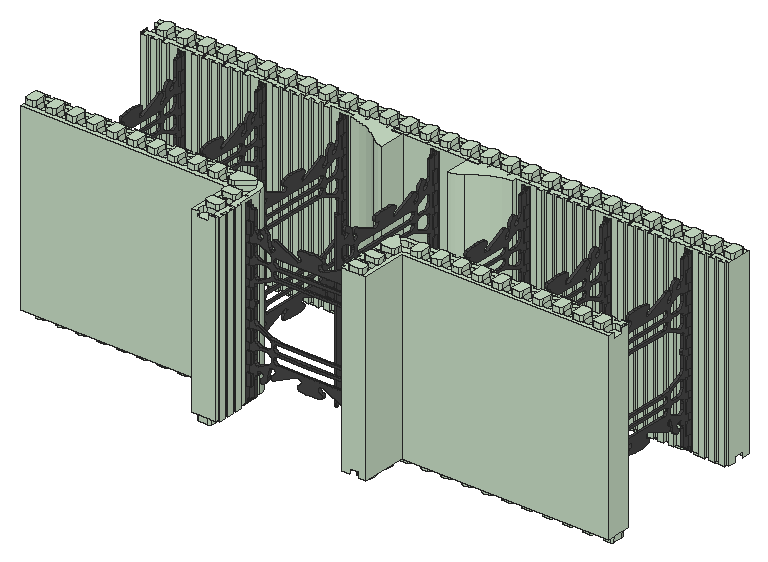
Revit family (continued)
Nested families (in)
  nested 106: "NUDURA Diamond Pattern" at (-26, 11.25254, 0), type "NUDURA Diamond Pattern"
  nested 107: "NUDURA Diamond Pattern" at (-18, 11.25254, 0), type "NUDURA Diamond Pattern"
  nested 108: "NUDURA Diamond Pattern" at (24, 0.00254, 0) x (-1, 0, 0) z (0, 0, 1), type "NUDURA Diamond Pattern"
  nested 109: "NUDURA Diamond Pattern" at (32, 0.00254, 0) x (-1, 0, 0) z (0, 0, 1), type "NUDURA Diamond Pattern"
  nested 110: "NUDURA Logo Diamond" at (16.00256, -11.62244, 0), type "NUDURA Logo Diamond"
  nested 111: "NUDURA Logo Diamond" at (-33.99744, -11.62244, 0), type "NUDURA Logo Diamond"
  nested 112: "NUDURA Diamond Pattern" at (-18, -5.99744, 0), type "NUDURA Diamond Pattern"
  nested 113: "NUDURA Diamond Pattern" at (16, -5.99744, 0), type "NUDURA Diamond Pattern"
  nested 114: "NUDURA Diamond Pattern Missing Left Line" at (8, -5.99744, 0), type "NUDURA Diamond Pattern missing left line"
  nested 115: "Interlock Tooth" at (28, -0.00002, 0) x (-1, 0, 0) z (0, 0, 1), type "Interlock Tooth"
  nested 116: "Interlock Tooth" at (27, -0.00002, -18.5) x (-1, 0, 0) z (0, 0, 1), type "Interlock Tooth"
  nested 117: "Interlock Tooth" at (30, -0.00002, 0) x (-1, 0, 0) z (0, 0, 1), type "Interlock Tooth"
  nested 118: "Interlock Tooth" at (29, -0.00002, -18.5) x (-1, 0, 0) z (0, 0, 1), type "Interlock Tooth"
  nested 119: "NUDURA Diamond Pattern" at (7, 0.00254, 0) x (-1, 0, 0) z (0, 0, 1), type "NUDURA Diamond Pattern"
  nested 120: "Interlock Tooth" at (32, -0.00002, 0) x (-1, 0, 0) z (0, 0, 1), type "Interlock Tooth"
  nested 121: "Interlock Tooth" at (31, -0.00002, -18.5) x (-1, 0, 0) z (0, 0, 1), type "Interlock Tooth"
  nested 122: "12-inch Insert Web w One Fastening Strip" at (3, -3, 0) x (-1, 0, 0) z (0, 0, 1), type "12-inch Insert Web w One Fastening Strip"
  nested 123: "12-inch Insert Web" at (-22, -3, 0), type "12-inch Insert Web"
  nested 124: "12-inch Insert Web" at (-14, -3, 0), type "12-inch Insert Web"
  nested 125: "12-inch Insert Web" at (12, -2.99998, 0), type "12-inch Insert Web"
  nested 126: "12-inch Insert Web" at (20, -2.99998, 0), type "12-inch Insert Web"
  nested 127: "12-inch Insert Web" at (28, -2.99998, 0), type "12-inch Insert Web"
  nested 128: "12-inch Insert Web" at (3, -11.99998, 0) x (0, 1, 0) z (0, 0, 1), type "12-inch Insert Web"
  nested 129: "12-inch Insert Web" at (-6, -2.99998, 0) x (-1, 0, 0) z (0, 0, 1), type "12-inch Insert Web"
Definition of nested family "Interlock Tooth"
  Reference planes (in)
    plane 1 "Center (Front/Back)": y = 0
    plane 2: z = 0
    plane 3 "Center (Left/Right)": x = 0
    plane 4: z = 18
    plane 5: z = 18.5
    plane 6: z = -0.5
  Forms (in)
    Extrusion 1, solid, material "NUDURA Expanded Polystyrene Foam Insulation"
      sketch origin (0, -8.875, 0) x (1, 0, 0) y (0, 1, 0)
        loop
          arc (0, 3.97692) -> (0.04785, 3.82983) -> (0.17308, 3.73905) r 0.25
          arc (0.17308, 3.73905) -> (0.5, 3.6875) -> (0.82692, 3.73905) r 1.0625
          arc (0.82692, 3.73905) -> (0.95215, 3.82983) -> (1, 3.97692) r 0.25
          line (1, 3.97692) -> (1, 4.89808)
          arc (1, 4.89808) -> (0.95215, 5.04517) -> (0.82692, 5.13595) r 0.25
          arc (0.82692, 5.13595) -> (0.5, 5.1875) -> (0.17308, 5.13595) r 1.0625
          arc (0.17308, 5.13595) -> (0.04785, 5.04517) -> (0, 4.89808) r 0.25
          line (0, 4.89808) -> (0, 3.97692)
      from 18 to 18.5
  Dimensions and locks (in)
    locked: plane 4 to level at 18
    locked: plane 4 to plane 5 at 0.5
    locked: plane 6 to level at 0.5
Definition of nested family "12-inch Insert Web w One Fastening Strip"
  Reference planes (in)
    plane 1 "Center (Front/Back)": y = 0
    plane 2: z = 0
    plane 3 "Center (Left/Right)": x = 0
  Forms (in)
    Extrusion 1, solid, material "High Density Polystyrene"
      sketch origin (0, 0, 0) x (0, 1, 0) y (0, 0, 1)
        loop
          arc (-6.25, 0) -> (-6.22112, 0.01975) -> (-6.21, 0.05292) r 0.055
          line (-6.21, 0.05292) -> (-6.21, 17.69292)
          arc (-6.21, 17.69292) -> (-6.22112, 17.72608) -> (-6.25, 17.74583) r 0.055
          line (-6.25, 17.74583) -> (-6.25, 0)
      from 0.36328 to -0.36328
    Extrusion 2, solid, material "High Density Polystyrene"
      sketch origin (0, 0, 0) x (0, 1, 0) y (0, 0, 1)
        loop
          line (-6.12543, 17.57204) -> (-6.19457, 17.61045)
          arc (-6.19457, 17.61045) -> (-6.20585, 17.62147) -> (-6.21, 17.63668) r 0.03
          line (-6.21, 17.63668) -> (-6.21, 17.38789)
          arc (-6.21, 17.38789) -> (-6.20374, 17.40241) -> (-6.18889, 17.40785) r 0.02
          line (-6.18889, 17.40785) -> (-6.13111, 17.40464)
          arc (-6.13111, 17.40464) -> (-6.11625, 17.41008) -> (-6.11, 17.42461) r 0.02
          line (-6.11, 17.42461) -> (-6.11, 17.54582)
          arc (-6.11, 17.54582) -> (-6.11414, 17.56103) -> (-6.12543, 17.57204) r 0.03
        loop
          arc (-6.12543, 0.17379) -> (-6.11414, 0.1848) -> (-6.11, 0.20001) r 0.03
          line (-6.11, 0.20001) -> (-6.11, 0.32122)
          arc (-6.11, 0.32122) -> (-6.11625, 0.33575) -> (-6.13111, 0.34119) r 0.02
          line (-6.13111, 0.34119) -> (-6.18889, 0.33798)
          arc (-6.18889, 0.33798) -> (-6.20374, 0.34342) -> (-6.21, 0.35795) r 0.02
          line (-6.21, 0.35795) -> (-6.21, 0.10915)
          arc (-6.21, 0.10915) -> (-6.20585, 0.12437) -> (-6.19457, 0.13538) r 0.03
          line (-6.19457, 0.13538) -> (-6.12543, 0.17379)
        loop
          line (6, 17.20772) -> (5.925, 17.43772)
          arc (5.925, 17.43772) -> (5.875, 17.46772) -> (5.825, 17.43772) r 0.05667
          line (5.825, 17.43772) -> (5.77609, 17.28772) -> (5.64893, 17.28772)
          arc (5.64893, 17.28772) -> (5.61433, 17.27339) -> (5.6, 17.2388) r 0.04893
          line (5.6, 17.2388) -> (5.6, 17.20772) -> (5.5, 17.20772) -> (5.5, 15.75595)
          arc (5.5, 15.75595) -> (5.43087, 15.489) -> (5.24086, 15.28915) r 0.55
          arc (5.24086, 15.28915) -> (5.19232, 15.23289) -> (5.1843, 15.15901) r 0.125
          arc (5.1843, 15.15901) -> (4.73923, 14.83241) -> (4.77171, 15.3835) r 0.305
          arc (4.77171, 15.3835) -> (4.89426, 15.66948) -> (4.60829, 15.79202) r 0.22
          arc (4.60829, 15.79202) -> (4.25428, 15.49683) -> (4.14171, 15.04986) r 0.745
          arc (4.14171, 15.04986) -> (4.09808, 14.63491) -> (3.96932, 14.23805) r 2
          arc (3.96932, 14.23805) -> (3.47025, 14.23431) -> (3.63581, 14.70513) r 0.305
          arc (3.63581, 14.70513) -> (3.78874, 15.03658) -> (3.43743, 15.1357) r 0.24
          line (3.43743, 15.1357) -> (1.31021, 14.13634)
          arc (1.31021, 14.13634) -> (0.87667, 14.28198) -> (1.07505, 14.69406) r 0.305
          arc (1.07505, 14.69406) -> (1.24991, 14.91838) -> (1.08783, 15.15211) r 0.24
          arc (1.08783, 15.15211) -> (0.76801, 15.23299) -> (0.43924, 15.2602) r 2
          line (0.43924, 15.2602) -> (0, 15.2602) -> (-0.43924, 15.2602)
          arc (-0.43924, 15.2602) -> (-0.76801, 15.23299) -> (-1.08783, 15.15211) r 2
          arc (-1.08783, 15.15211) -> (-1.24991, 14.91838) -> (-1.07505, 14.69406) r 0.24
          arc (-1.07505, 14.69406) -> (-0.87667, 14.28198) -> (-1.31021, 14.13634) r 0.305
          line (-1.31021, 14.13634) -> (-3.43743, 15.1357)
          arc (-3.43743, 15.1357) -> (-3.78874, 15.03658) -> (-3.63581, 14.70513) r 0.24
          arc (-3.63581, 14.70513) -> (-3.47025, 14.23431) -> (-3.96932, 14.23805) r 0.305
          arc (-3.96932, 14.23805) -> (-4.09808, 14.63491) -> (-4.14171, 15.04986) r 2
          arc (-4.14171, 15.04986) -> (-4.25428, 15.49683) -> (-4.60829, 15.79202) r 0.745
          arc (-4.60829, 15.79202) -> (-4.89426, 15.66948) -> (-4.77171, 15.3835) r 0.22
          arc (-4.77171, 15.3835) -> (-4.73923, 14.83241) -> (-5.1843, 15.15901) r 0.305
          arc (-5.1843, 15.15901) -> (-5.19232, 15.23289) -> (-5.24086, 15.28915) r 0.125
          arc (-5.24086, 15.28915) -> (-5.43087, 15.489) -> (-5.5, 15.75595) r 0.55
          line (-5.5, 15.75595) -> (-5.5, 17.20772) -> (-5.6, 17.20772) -> (-5.6, 17.2388)
          arc (-5.6, 17.2388) -> (-5.61433, 17.27339) -> (-5.64893, 17.28772) r 0.04893
          line (-5.64893, 17.28772) -> (-5.77609, 17.28772) -> (-5.825, 17.43772)
          arc (-5.825, 17.43772) -> (-5.875, 17.46772) -> (-5.925, 17.43772) r 0.05667
          line (-5.925, 17.43772) -> (-6, 17.20772) -> (-6, 0.66519) -> (-5.925, 0.43519)
          arc (-5.925, 0.43519) -> (-5.875, 0.40519) -> (-5.825, 0.43519) r 0.05667
          line (-5.825, 0.43519) -> (-5.77609, 0.58519) -> (-5.64893, 0.58519)
          arc (-5.64893, 0.58519) -> (-5.61433, 0.59952) -> (-5.6, 0.63412) r 0.04893
          line (-5.6, 0.63412) -> (-5.6, 0.66519) -> (-5.5, 0.66519) -> (-5.5, 2.24405)
          arc (-5.5, 2.24405) -> (-5.43087, 2.511) -> (-5.24086, 2.71085) r 0.55
          arc (-5.24086, 2.71085) -> (-5.19232, 2.76711) -> (-5.1843, 2.84099) r 0.125
          arc (-5.1843, 2.84099) -> (-4.73923, 3.16759) -> (-4.77171, 2.6165) r 0.305
          arc (-4.77171, 2.6165) -> (-4.89426, 2.33052) -> (-4.60829, 2.20798) r 0.22
          arc (-4.60829, 2.20798) -> (-4.25428, 2.50317) -> (-4.14171, 2.95014) r 0.745
          arc (-4.14171, 2.95014) -> (-4.09808, 3.36509) -> (-3.96932, 3.76195) r 2
          arc (-3.96932, 3.76195) -> (-3.47025, 3.76569) -> (-3.63581, 3.29487) r 0.305
          arc (-3.63581, 3.29487) -> (-3.78874, 2.96342) -> (-3.43743, 2.8643) r 0.24
          line (-3.43743, 2.8643) -> (-1.31021, 3.86366)
          arc (-1.31021, 3.86366) -> (-0.87667, 3.71802) -> (-1.07505, 3.30594) r 0.305
          arc (-1.07505, 3.30594) -> (-1.24991, 3.08162) -> (-1.08783, 2.84789) r 0.24
          arc (-1.08783, 2.84789) -> (-0.76801, 2.76701) -> (-0.43924, 2.7398) r 2
          line (-0.43924, 2.7398) -> (0, 2.7398) -> (0.43924, 2.7398)
          arc (0.43924, 2.7398) -> (0.76801, 2.76701) -> (1.08783, 2.84789) r 2
          arc (1.08783, 2.84789) -> (1.24991, 3.08162) -> (1.07505, 3.30594) r 0.24
          arc (1.07505, 3.30594) -> (0.87667, 3.71802) -> (1.31021, 3.86366) r 0.305
          line (1.31021, 3.86366) -> (3.43743, 2.8643)
          arc (3.43743, 2.8643) -> (3.78874, 2.96342) -> (3.63581, 3.29487) r 0.24
          arc (3.63581, 3.29487) -> (3.47025, 3.76569) -> (3.96932, 3.76195) r 0.305
          arc (3.96932, 3.76195) -> (4.09808, 3.36509) -> (4.14171, 2.95014) r 2
          arc (4.14171, 2.95014) -> (4.25428, 2.50317) -> (4.60829, 2.20798) r 0.745
          arc (4.60829, 2.20798) -> (4.89426, 2.33052) -> (4.77171, 2.6165) r 0.22
          arc (4.77171, 2.6165) -> (4.73923, 3.16759) -> (5.1843, 2.84099) r 0.305
          arc (5.1843, 2.84099) -> (5.19232, 2.76711) -> (5.24086, 2.71085) r 0.125
          arc (5.24086, 2.71085) -> (5.43087, 2.511) -> (5.5, 2.24405) r 0.55
          line (5.5, 2.24405) -> (5.5, 0.66519) -> (5.6, 0.66519) -> (5.6, 0.63412)
          arc (5.6, 0.63412) -> (5.61433, 0.59952) -> (5.64893, 0.58519) r 0.04893
          line (5.64893, 0.58519) -> (5.77609, 0.58519) -> (5.825, 0.43519)
          arc (5.825, 0.43519) -> (5.875, 0.40519) -> (5.925, 0.43519) r 0.05667
          line (5.925, 0.43519) -> (6, 0.66519) -> (6, 17.20772)
        loop
          arc (3.02319, 4.29202) -> (3.16251, 4.2877) -> (3.3013, 4.27477) r 2.25
          arc (3.3013, 4.27477) -> (3.48148, 4.41353) -> (3.6, 4.60763) r 0.62421
          line (3.6, 4.60763) -> (3.6, 4.73363)
          arc (3.6, 4.73363) -> (3.4551, 4.96314) -> (3.22579, 5.10835) r 0.61747
          line (3.22579, 5.10835) -> (0, 5.10835) -> (-3.22579, 5.10835)
          arc (-3.22579, 5.10835) -> (-3.4551, 4.96314) -> (-3.6, 4.73363) r 0.61747
          line (-3.6, 4.73363) -> (-3.6, 4.60763)
          arc (-3.6, 4.60763) -> (-3.48148, 4.41353) -> (-3.3013, 4.27477) r 0.62421
          arc (-3.3013, 4.27477) -> (-3.16251, 4.2877) -> (-3.02319, 4.29202) r 2.25
          line (-3.02319, 4.29202) -> (0, 4.29202) -> (3.02319, 4.29202)
        loop
          line (4.08806, 4.02826) -> (4.96605, 3.61736)
          arc (4.96605, 3.61736) -> (5.32627, 3.64059) -> (5.5, 3.95701) r 0.375
          line (5.5, 3.95701) -> (5.5, 4.48373)
          arc (5.5, 4.48373) -> (5.31694, 4.92567) -> (4.875, 5.10873) r 0.625
          line (4.875, 5.10873) -> (4.3, 5.10873)
          arc (4.3, 5.10873) -> (3.94645, 4.96229) -> (3.8, 4.60873) r 0.5
          line (3.8, 4.60873) -> (3.8, 4.48112)
          arc (3.8, 4.48112) -> (3.87812, 4.21276) -> (4.08806, 4.02826) r 0.5
        loop
          line (5.5, 5.91373) -> (5.5, 6.44046)
          arc (5.5, 6.44046) -> (5.32627, 6.75687) -> (4.96605, 6.78011) r 0.375
          line (4.96605, 6.78011) -> (4.08806, 6.36921)
          arc (4.08806, 6.36921) -> (3.87812, 6.18471) -> (3.8, 5.91635) r 0.5
          line (3.8, 5.91635) -> (3.8, 5.78873)
          arc (3.8, 5.78873) -> (3.94645, 5.43518) -> (4.3, 5.28873) r 0.5
          line (4.3, 5.28873) -> (4.875, 5.28873)
          arc (4.875, 5.28873) -> (5.31694, 5.47179) -> (5.5, 5.91373) r 0.625
        loop
          arc (3.30123, 6.1222) -> (3.16288, 6.10935) -> (3.02401, 6.10506) r 2.25
          line (3.02401, 6.10506) -> (0, 6.10506) -> (-3.02401, 6.10506)
          arc (-3.02401, 6.10506) -> (-3.16288, 6.10935) -> (-3.30123, 6.1222) r 2.25
          arc (-3.30123, 6.1222) -> (-3.48146, 5.98344) -> (-3.6, 5.7893) r 0.62421
          line (-3.6, 5.7893) -> (-3.6, 5.66335)
          arc (-3.6, 5.66335) -> (-3.45481, 5.43354) -> (-3.225, 5.28835) r 0.61747
          line (-3.225, 5.28835) -> (0, 5.28835) -> (3.225, 5.28835)
          arc (3.225, 5.28835) -> (3.45481, 5.43354) -> (3.6, 5.66335) r 0.61747
          line (3.6, 5.66335) -> (3.6, 5.7893)
          arc (3.6, 5.7893) -> (3.48146, 5.98344) -> (3.30123, 6.1222) r 0.62421
        loop
          arc (-4.08806, 4.02826) -> (-3.87812, 4.21276) -> (-3.8, 4.48112) r 0.5
          line (-3.8, 4.48112) -> (-3.8, 4.60873)
          arc (-3.8, 4.60873) -> (-3.94645, 4.96229) -> (-4.3, 5.10873) r 0.5
          line (-4.3, 5.10873) -> (-4.875, 5.10873)
          arc (-4.875, 5.10873) -> (-5.31694, 4.92567) -> (-5.5, 4.48373) r 0.625
          line (-5.5, 4.48373) -> (-5.5, 3.95701)
          arc (-5.5, 3.95701) -> (-5.32627, 3.64059) -> (-4.96605, 3.61736) r 0.375
          line (-4.96605, 3.61736) -> (-4.08806, 4.02826)
        loop
          arc (-5.5, 5.91373) -> (-5.31694, 5.47179) -> (-4.875, 5.28873) r 0.625
          line (-4.875, 5.28873) -> (-4.3, 5.28873)
          arc (-4.3, 5.28873) -> (-3.94645, 5.43518) -> (-3.8, 5.78873) r 0.5
          line (-3.8, 5.78873) -> (-3.8, 5.91635)
          arc (-3.8, 5.91635) -> (-3.87812, 6.18471) -> (-4.08806, 6.36921) r 0.5
          line (-4.08806, 6.36921) -> (-4.96605, 6.78011)
          arc (-4.96605, 6.78011) -> (-5.32627, 6.75687) -> (-5.5, 6.44046) r 0.375
          line (-5.5, 6.44046) -> (-5.5, 5.91373)
        loop
          line (5.5, 7.54678) -> (5.5, 8.68765) -> (5.38, 8.88765) -> (5.38, 9) -> (5.38, 9.11235) -> (5.5, 9.31235) -> (5.5, 10.45322)
          arc (5.5, 10.45322) -> (5.42188, 10.72158) -> (5.21194, 10.90608) r 0.5
          line (5.21194, 10.90608) -> (3.95372, 11.49492)
          arc (3.95372, 11.49492) -> (3.48851, 11.65338) -> (3, 11.70705) r 2.25
          line (3, 11.70705) -> (0, 11.70705) -> (-3, 11.70705)
          arc (-3, 11.70705) -> (-3.48851, 11.65338) -> (-3.95372, 11.49492) r 2.25
          line (-3.95372, 11.49492) -> (-5.21194, 10.90608)
          arc (-5.21194, 10.90608) -> (-5.42188, 10.72158) -> (-5.5, 10.45322) r 0.5
          line (-5.5, 10.45322) -> (-5.5, 9.31235) -> (-5.38, 9.11235) -> (-5.38, 9) -> (-5.38, 8.88765) -> (-5.5, 8.68765) -> (-5.5, 7.54678)
          arc (-5.5, 7.54678) -> (-5.42188, 7.27842) -> (-5.21194, 7.09392) r 0.5
          line (-5.21194, 7.09392) -> (-3.95372, 6.50508)
          arc (-3.95372, 6.50508) -> (-3.48851, 6.34662) -> (-3, 6.29295) r 2.25
          line (-3, 6.29295) -> (0, 6.29295) -> (3, 6.29295)
          arc (3, 6.29295) -> (3.48851, 6.34662) -> (3.95372, 6.50508) r 2.25
          line (3.95372, 6.50508) -> (5.21194, 7.09392)
          arc (5.21194, 7.09392) -> (5.42188, 7.27842) -> (5.5, 7.54678) r 0.5
        loop
          line (3.02319, 13.70798) -> (0, 13.70798) -> (-3.02319, 13.70798)
          arc (-3.02319, 13.70798) -> (-3.16251, 13.7123) -> (-3.3013, 13.72523) r 2.25
          arc (-3.3013, 13.72523) -> (-3.48148, 13.58647) -> (-3.6, 13.39237) r 0.62421
          line (-3.6, 13.39237) -> (-3.6, 13.26637)
          arc (-3.6, 13.26637) -> (-3.4551, 13.03686) -> (-3.22579, 12.89165) r 0.61747
          line (-3.22579, 12.89165) -> (0, 12.89165) -> (3.22579, 12.89165)
          arc (3.22579, 12.89165) -> (3.4551, 13.03686) -> (3.6, 13.26637) r 0.61747
          line (3.6, 13.26637) -> (3.6, 13.39237)
          arc (3.6, 13.39237) -> (3.48148, 13.58647) -> (3.3013, 13.72523) r 0.62421
          arc (3.3013, 13.72523) -> (3.16251, 13.7123) -> (3.02319, 13.70798) r 2.25
        loop
          arc (4.08806, 13.97174) -> (3.87812, 13.78724) -> (3.8, 13.51888) r 0.5
          line (3.8, 13.51888) -> (3.8, 13.39127)
          arc (3.8, 13.39127) -> (3.94645, 13.03771) -> (4.3, 12.89127) r 0.5
          line (4.3, 12.89127) -> (4.875, 12.89127)
          arc (4.875, 12.89127) -> (5.31694, 13.07433) -> (5.5, 13.51627) r 0.625
          line (5.5, 13.51627) -> (5.5, 14.04299)
          arc (5.5, 14.04299) -> (5.32627, 14.35941) -> (4.96605, 14.38264) r 0.375
          line (4.96605, 14.38264) -> (4.08806, 13.97174)
        loop
          arc (5.5, 12.08627) -> (5.31694, 12.52821) -> (4.875, 12.71127) r 0.625
          line (4.875, 12.71127) -> (4.3, 12.71127)
          arc (4.3, 12.71127) -> (3.94645, 12.56482) -> (3.8, 12.21127) r 0.5
          line (3.8, 12.21127) -> (3.8, 12.08365)
          arc (3.8, 12.08365) -> (3.87812, 11.81529) -> (4.08806, 11.63079) r 0.5
          line (4.08806, 11.63079) -> (4.96605, 11.21989)
          arc (4.96605, 11.21989) -> (5.32627, 11.24313) -> (5.5, 11.55954) r 0.375
          line (5.5, 11.55954) -> (5.5, 12.08627)
        loop
          arc (3.30123, 11.8778) -> (3.48146, 12.01656) -> (3.6, 12.2107) r 0.62421
          line (3.6, 12.2107) -> (3.6, 12.33665)
          arc (3.6, 12.33665) -> (3.45481, 12.56646) -> (3.225, 12.71165) r 0.61747
          line (3.225, 12.71165) -> (0, 12.71165) -> (-3.225, 12.71165)
          arc (-3.225, 12.71165) -> (-3.45481, 12.56646) -> (-3.6, 12.33665) r 0.61747
          line (-3.6, 12.33665) -> (-3.6, 12.2107)
          arc (-3.6, 12.2107) -> (-3.48146, 12.01656) -> (-3.30123, 11.8778) r 0.62421
          arc (-3.30123, 11.8778) -> (-3.16288, 11.89065) -> (-3.02401, 11.89494) r 2.25
          line (-3.02401, 11.89494) -> (0, 11.89494) -> (3.02401, 11.89494)
          arc (3.02401, 11.89494) -> (3.16288, 11.89065) -> (3.30123, 11.8778) r 2.25
        loop
          line (-4.08806, 13.97174) -> (-4.96605, 14.38264)
          arc (-4.96605, 14.38264) -> (-5.32627, 14.35941) -> (-5.5, 14.04299) r 0.375
          line (-5.5, 14.04299) -> (-5.5, 13.51627)
          arc (-5.5, 13.51627) -> (-5.31694, 13.07433) -> (-4.875, 12.89127) r 0.625
          line (-4.875, 12.89127) -> (-4.3, 12.89127)
          arc (-4.3, 12.89127) -> (-3.94645, 13.03771) -> (-3.8, 13.39127) r 0.5
          line (-3.8, 13.39127) -> (-3.8, 13.51888)
          arc (-3.8, 13.51888) -> (-3.87812, 13.78724) -> (-4.08806, 13.97174) r 0.5
        loop
          line (-5.5, 12.08627) -> (-5.5, 11.55954)
          arc (-5.5, 11.55954) -> (-5.32627, 11.24313) -> (-4.96605, 11.21989) r 0.375
          line (-4.96605, 11.21989) -> (-4.08806, 11.63079)
          arc (-4.08806, 11.63079) -> (-3.87812, 11.81529) -> (-3.8, 12.08365) r 0.5
          line (-3.8, 12.08365) -> (-3.8, 12.21127)
          arc (-3.8, 12.21127) -> (-3.94645, 12.56482) -> (-4.3, 12.71127) r 0.5
          line (-4.3, 12.71127) -> (-4.875, 12.71127)
          arc (-4.875, 12.71127) -> (-5.31694, 12.52821) -> (-5.5, 12.08627) r 0.625
      from 0.125 to -0.125
    Extrusion 3, solid, material "High Density Polystyrene"
      sketch origin (0, 0, 0) x (0, 1, 0) y (0, 0, 1)
        loop
          line (-6.21, 16.17792) -> (-6.21, 14.97792) -> (-5.71, 14.97792) -> (-5.71, 16.17792) -> (-6.21, 16.17792)
        loop
          line (-6.21, 14.22792) -> (-6.21, 13.02792) -> (-5.71, 13.02792) -> (-5.71, 14.22792) -> (-6.21, 14.22792)
        loop
          line (-6.21, 12.27792) -> (-6.21, 11.07792) -> (-5.71, 11.07792) -> (-5.71, 12.27792) -> (-6.21, 12.27792)
        loop
          line (-6.21, 10.32792) -> (-6.21, 9.24792) -> (-5.71, 9.24792) -> (-5.71, 10.32792) -> (-6.21, 10.32792)
        loop
          line (-6.21, 8.49792) -> (-6.21, 7.41792) -> (-5.71, 7.41792) -> (-5.71, 8.49792) -> (-6.21, 8.49792)
        loop
          line (-6.21, 6.66792) -> (-6.21, 5.46792) -> (-5.71, 5.46792) -> (-5.71, 6.66792) -> (-6.21, 6.66792)
        loop
          line (-6.21, 4.71792) -> (-6.21, 3.51792) -> (-5.71, 3.51792) -> (-5.71, 4.71792) -> (-6.21, 4.71792)
        loop
          line (-6.21, 2.76792) -> (-6.21, 1.56792) -> (-5.71, 1.56792) -> (-5.71, 2.76792) -> (-6.21, 2.76792)
      from 0.25 to -0.25
    Extrusion 4, void
      sketch origin (0, -3, 0) x (1, 0, 0) y (0, 1, 0)
        loop
          arc (-0.25, -2.79249) -> (-0.22584, -2.73416) -> (-0.1675, -2.71) r 0.0825
          line (-0.1675, -2.71) -> (-0.25, -2.71) -> (-0.25, -2.79249)
      from 0 to 18
    Extrusion 5, void
      sketch origin (0, -3, 0) x (-1, 0, 0) y (0, -1, 0)
        loop
          line (-0.25, 2.79249) -> (-0.25, 2.71) -> (-0.1675, 2.71)
          arc (-0.1675, 2.71) -> (-0.22584, 2.73416) -> (-0.25, 2.79249) r 0.0825
      from 0 to 18
  Cuts and joins
    Extrusion 4, Extrusion 5 cuts Extrusion 1
    Extrusion 4, Extrusion 5 cuts Extrusion 3
Definition of nested family "12-inch Insert Web"
  Reference planes (in)
    plane 1 "Center (Front/Back)": y = 0
    plane 2: z = 0
    plane 3 "Center (Left/Right)": x = 0
  Forms (in)
    Extrusion 1, solid, material "High Density Polystyrene"
      sketch origin (0, 0, 0) x (0, 1, 0) y (0, 0, 1)
        loop
          line (6.25, 0) -> (6.25, 17.74583)
          arc (6.25, 17.74583) -> (6.22112, 17.72608) -> (6.21, 17.69292) r 0.055
          line (6.21, 17.69292) -> (6.21, 0.05292)
          arc (6.21, 0.05292) -> (6.22112, 0.01975) -> (6.25, 0) r 0.055
        loop
          arc (-6.25, 0) -> (-6.22112, 0.01975) -> (-6.21, 0.05292) r 0.055
          line (-6.21, 0.05292) -> (-6.21, 17.69292)
          arc (-6.21, 17.69292) -> (-6.22112, 17.72608) -> (-6.25, 17.74583) r 0.055
          line (-6.25, 17.74583) -> (-6.25, 0)
      from 0.36328 to -0.36328
    Extrusion 2, solid, material "High Density Polystyrene"
      sketch origin (0, 0, 0) x (0, 1, 0) y (0, 0, 1)
        loop
          arc (6.18889, 17.40785) -> (6.20374, 17.40241) -> (6.21, 17.38789) r 0.02
          line (6.21, 17.38789) -> (6.21, 17.63668)
          arc (6.21, 17.63668) -> (6.20585, 17.62147) -> (6.19457, 17.61045) r 0.03
          line (6.19457, 17.61045) -> (6.12543, 17.57204)
          arc (6.12543, 17.57204) -> (6.11414, 17.56103) -> (6.11, 17.54582) r 0.03
          line (6.11, 17.54582) -> (6.11, 17.42461)
          arc (6.11, 17.42461) -> (6.11625, 17.41008) -> (6.13111, 17.40464) r 0.02
          line (6.13111, 17.40464) -> (6.18889, 17.40785)
        loop
          line (-6.12543, 17.57204) -> (-6.19457, 17.61045)
          arc (-6.19457, 17.61045) -> (-6.20585, 17.62147) -> (-6.21, 17.63668) r 0.03
          line (-6.21, 17.63668) -> (-6.21, 17.38789)
          arc (-6.21, 17.38789) -> (-6.20374, 17.40241) -> (-6.18889, 17.40785) r 0.02
          line (-6.18889, 17.40785) -> (-6.13111, 17.40464)
          arc (-6.13111, 17.40464) -> (-6.11625, 17.41008) -> (-6.11, 17.42461) r 0.02
          line (-6.11, 17.42461) -> (-6.11, 17.54582)
          arc (-6.11, 17.54582) -> (-6.11414, 17.56103) -> (-6.12543, 17.57204) r 0.03
        loop
          line (6.18889, 0.33798) -> (6.13111, 0.34119)
          arc (6.13111, 0.34119) -> (6.11625, 0.33575) -> (6.11, 0.32122) r 0.02
          line (6.11, 0.32122) -> (6.11, 0.20001)
          arc (6.11, 0.20001) -> (6.11414, 0.1848) -> (6.12543, 0.17379) r 0.03
          line (6.12543, 0.17379) -> (6.19457, 0.13538)
          arc (6.19457, 0.13538) -> (6.20585, 0.12437) -> (6.21, 0.10915) r 0.03
          line (6.21, 0.10915) -> (6.21, 0.35795)
          arc (6.21, 0.35795) -> (6.20374, 0.34342) -> (6.18889, 0.33798) r 0.02
        loop
          arc (-6.12543, 0.17379) -> (-6.11414, 0.1848) -> (-6.11, 0.20001) r 0.03
          line (-6.11, 0.20001) -> (-6.11, 0.32122)
          arc (-6.11, 0.32122) -> (-6.11625, 0.33575) -> (-6.13111, 0.34119) r 0.02
          line (-6.13111, 0.34119) -> (-6.18889, 0.33798)
          arc (-6.18889, 0.33798) -> (-6.20374, 0.34342) -> (-6.21, 0.35795) r 0.02
          line (-6.21, 0.35795) -> (-6.21, 0.10915)
          arc (-6.21, 0.10915) -> (-6.20585, 0.12437) -> (-6.19457, 0.13538) r 0.03
          line (-6.19457, 0.13538) -> (-6.12543, 0.17379)
        loop
          line (6, 17.20772) -> (5.925, 17.43772)
          arc (5.925, 17.43772) -> (5.875, 17.46772) -> (5.825, 17.43772) r 0.05667
          line (5.825, 17.43772) -> (5.77609, 17.28772) -> (5.64893, 17.28772)
          arc (5.64893, 17.28772) -> (5.61433, 17.27339) -> (5.6, 17.2388) r 0.04893
          line (5.6, 17.2388) -> (5.6, 17.20772) -> (5.5, 17.20772) -> (5.5, 15.75595)
          arc (5.5, 15.75595) -> (5.43087, 15.489) -> (5.24086, 15.28915) r 0.55
          arc (5.24086, 15.28915) -> (5.19232, 15.23289) -> (5.1843, 15.15901) r 0.125
          arc (5.1843, 15.15901) -> (4.73923, 14.83241) -> (4.77171, 15.3835) r 0.305
          arc (4.77171, 15.3835) -> (4.89426, 15.66948) -> (4.60829, 15.79202) r 0.22
          arc (4.60829, 15.79202) -> (4.25428, 15.49683) -> (4.14171, 15.04986) r 0.745
          arc (4.14171, 15.04986) -> (4.09808, 14.63491) -> (3.96932, 14.23805) r 2
          arc (3.96932, 14.23805) -> (3.47025, 14.23431) -> (3.63581, 14.70513) r 0.305
          arc (3.63581, 14.70513) -> (3.78874, 15.03658) -> (3.43743, 15.1357) r 0.24
          line (3.43743, 15.1357) -> (1.31021, 14.13634)
          arc (1.31021, 14.13634) -> (0.87667, 14.28198) -> (1.07505, 14.69406) r 0.305
          arc (1.07505, 14.69406) -> (1.24991, 14.91838) -> (1.08783, 15.15211) r 0.24
          arc (1.08783, 15.15211) -> (0.76801, 15.23299) -> (0.43924, 15.2602) r 2
          line (0.43924, 15.2602) -> (0, 15.2602) -> (-0.43924, 15.2602)
          arc (-0.43924, 15.2602) -> (-0.76801, 15.23299) -> (-1.08783, 15.15211) r 2
          arc (-1.08783, 15.15211) -> (-1.24991, 14.91838) -> (-1.07505, 14.69406) r 0.24
          arc (-1.07505, 14.69406) -> (-0.87667, 14.28198) -> (-1.31021, 14.13634) r 0.305
          line (-1.31021, 14.13634) -> (-3.43743, 15.1357)
          arc (-3.43743, 15.1357) -> (-3.78874, 15.03658) -> (-3.63581, 14.70513) r 0.24
          arc (-3.63581, 14.70513) -> (-3.47025, 14.23431) -> (-3.96932, 14.23805) r 0.305
          arc (-3.96932, 14.23805) -> (-4.09808, 14.63491) -> (-4.14171, 15.04986) r 2
          arc (-4.14171, 15.04986) -> (-4.25428, 15.49683) -> (-4.60829, 15.79202) r 0.745
          arc (-4.60829, 15.79202) -> (-4.89426, 15.66948) -> (-4.77171, 15.3835) r 0.22
          arc (-4.77171, 15.3835) -> (-4.73923, 14.83241) -> (-5.1843, 15.15901) r 0.305
          arc (-5.1843, 15.15901) -> (-5.19232, 15.23289) -> (-5.24086, 15.28915) r 0.125
          arc (-5.24086, 15.28915) -> (-5.43087, 15.489) -> (-5.5, 15.75595) r 0.55
          line (-5.5, 15.75595) -> (-5.5, 17.20772) -> (-5.6, 17.20772) -> (-5.6, 17.2388)
          arc (-5.6, 17.2388) -> (-5.61433, 17.27339) -> (-5.64893, 17.28772) r 0.04893
          line (-5.64893, 17.28772) -> (-5.77609, 17.28772) -> (-5.825, 17.43772)
          arc (-5.825, 17.43772) -> (-5.875, 17.46772) -> (-5.925, 17.43772) r 0.05667
          line (-5.925, 17.43772) -> (-6, 17.20772) -> (-6, 0.66519) -> (-5.925, 0.43519)
          arc (-5.925, 0.43519) -> (-5.875, 0.40519) -> (-5.825, 0.43519) r 0.05667
          line (-5.825, 0.43519) -> (-5.77609, 0.58519) -> (-5.64893, 0.58519)
          arc (-5.64893, 0.58519) -> (-5.61433, 0.59952) -> (-5.6, 0.63412) r 0.04893
          line (-5.6, 0.63412) -> (-5.6, 0.66519) -> (-5.5, 0.66519) -> (-5.5, 2.24405)
          arc (-5.5, 2.24405) -> (-5.43087, 2.511) -> (-5.24086, 2.71085) r 0.55
          arc (-5.24086, 2.71085) -> (-5.19232, 2.76711) -> (-5.1843, 2.84099) r 0.125
          arc (-5.1843, 2.84099) -> (-4.73923, 3.16759) -> (-4.77171, 2.6165) r 0.305
          arc (-4.77171, 2.6165) -> (-4.89426, 2.33052) -> (-4.60829, 2.20798) r 0.22
          arc (-4.60829, 2.20798) -> (-4.25428, 2.50317) -> (-4.14171, 2.95014) r 0.745
          arc (-4.14171, 2.95014) -> (-4.09808, 3.36509) -> (-3.96932, 3.76195) r 2
          arc (-3.96932, 3.76195) -> (-3.47025, 3.76569) -> (-3.63581, 3.29487) r 0.305
          arc (-3.63581, 3.29487) -> (-3.78874, 2.96342) -> (-3.43743, 2.8643) r 0.24
          line (-3.43743, 2.8643) -> (-1.31021, 3.86366)
          arc (-1.31021, 3.86366) -> (-0.87667, 3.71802) -> (-1.07505, 3.30594) r 0.305
          arc (-1.07505, 3.30594) -> (-1.24991, 3.08162) -> (-1.08783, 2.84789) r 0.24
          arc (-1.08783, 2.84789) -> (-0.76801, 2.76701) -> (-0.43924, 2.7398) r 2
          line (-0.43924, 2.7398) -> (0, 2.7398) -> (0.43924, 2.7398)
          arc (0.43924, 2.7398) -> (0.76801, 2.76701) -> (1.08783, 2.84789) r 2
          arc (1.08783, 2.84789) -> (1.24991, 3.08162) -> (1.07505, 3.30594) r 0.24
          arc (1.07505, 3.30594) -> (0.87667, 3.71802) -> (1.31021, 3.86366) r 0.305
          line (1.31021, 3.86366) -> (3.43743, 2.8643)
          arc (3.43743, 2.8643) -> (3.78874, 2.96342) -> (3.63581, 3.29487) r 0.24
          arc (3.63581, 3.29487) -> (3.47025, 3.76569) -> (3.96932, 3.76195) r 0.305
          arc (3.96932, 3.76195) -> (4.09808, 3.36509) -> (4.14171, 2.95014) r 2
          arc (4.14171, 2.95014) -> (4.25428, 2.50317) -> (4.60829, 2.20798) r 0.745
          arc (4.60829, 2.20798) -> (4.89426, 2.33052) -> (4.77171, 2.6165) r 0.22
          arc (4.77171, 2.6165) -> (4.73923, 3.16759) -> (5.1843, 2.84099) r 0.305
          arc (5.1843, 2.84099) -> (5.19232, 2.76711) -> (5.24086, 2.71085) r 0.125
          arc (5.24086, 2.71085) -> (5.43087, 2.511) -> (5.5, 2.24405) r 0.55
          line (5.5, 2.24405) -> (5.5, 0.66519) -> (5.6, 0.66519) -> (5.6, 0.63412)
          arc (5.6, 0.63412) -> (5.61433, 0.59952) -> (5.64893, 0.58519) r 0.04893
          line (5.64893, 0.58519) -> (5.77609, 0.58519) -> (5.825, 0.43519)
          arc (5.825, 0.43519) -> (5.875, 0.40519) -> (5.925, 0.43519) r 0.05667
          line (5.925, 0.43519) -> (6, 0.66519) -> (6, 17.20772)
        loop
          arc (3.02319, 4.29202) -> (3.16251, 4.2877) -> (3.3013, 4.27477) r 2.25
          arc (3.3013, 4.27477) -> (3.48148, 4.41353) -> (3.6, 4.60763) r 0.62421
          line (3.6, 4.60763) -> (3.6, 4.73363)
          arc (3.6, 4.73363) -> (3.4551, 4.96314) -> (3.22579, 5.10835) r 0.61747
          line (3.22579, 5.10835) -> (0, 5.10835) -> (-3.22579, 5.10835)
          arc (-3.22579, 5.10835) -> (-3.4551, 4.96314) -> (-3.6, 4.73363) r 0.61747
          line (-3.6, 4.73363) -> (-3.6, 4.60763)
          arc (-3.6, 4.60763) -> (-3.48148, 4.41353) -> (-3.3013, 4.27477) r 0.62421
          arc (-3.3013, 4.27477) -> (-3.16251, 4.2877) -> (-3.02319, 4.29202) r 2.25
          line (-3.02319, 4.29202) -> (0, 4.29202) -> (3.02319, 4.29202)
        loop
          line (4.08806, 4.02826) -> (4.96605, 3.61736)
          arc (4.96605, 3.61736) -> (5.32627, 3.64059) -> (5.5, 3.95701) r 0.375
          line (5.5, 3.95701) -> (5.5, 4.48373)
          arc (5.5, 4.48373) -> (5.31694, 4.92567) -> (4.875, 5.10873) r 0.625
          line (4.875, 5.10873) -> (4.3, 5.10873)
          arc (4.3, 5.10873) -> (3.94645, 4.96229) -> (3.8, 4.60873) r 0.5
          line (3.8, 4.60873) -> (3.8, 4.48112)
          arc (3.8, 4.48112) -> (3.87812, 4.21276) -> (4.08806, 4.02826) r 0.5
        loop
          line (5.5, 5.91373) -> (5.5, 6.44046)
          arc (5.5, 6.44046) -> (5.32627, 6.75687) -> (4.96605, 6.78011) r 0.375
          line (4.96605, 6.78011) -> (4.08806, 6.36921)
          arc (4.08806, 6.36921) -> (3.87812, 6.18471) -> (3.8, 5.91635) r 0.5
          line (3.8, 5.91635) -> (3.8, 5.78873)
          arc (3.8, 5.78873) -> (3.94645, 5.43518) -> (4.3, 5.28873) r 0.5
          line (4.3, 5.28873) -> (4.875, 5.28873)
          arc (4.875, 5.28873) -> (5.31694, 5.47179) -> (5.5, 5.91373) r 0.625
        loop
          arc (3.30123, 6.1222) -> (3.16288, 6.10935) -> (3.02401, 6.10506) r 2.25
          line (3.02401, 6.10506) -> (0, 6.10506) -> (-3.02401, 6.10506)
          arc (-3.02401, 6.10506) -> (-3.16288, 6.10935) -> (-3.30123, 6.1222) r 2.25
          arc (-3.30123, 6.1222) -> (-3.48146, 5.98344) -> (-3.6, 5.7893) r 0.62421
          line (-3.6, 5.7893) -> (-3.6, 5.66335)
          arc (-3.6, 5.66335) -> (-3.45481, 5.43354) -> (-3.225, 5.28835) r 0.61747
          line (-3.225, 5.28835) -> (0, 5.28835) -> (3.225, 5.28835)
          arc (3.225, 5.28835) -> (3.45481, 5.43354) -> (3.6, 5.66335) r 0.61747
          line (3.6, 5.66335) -> (3.6, 5.7893)
          arc (3.6, 5.7893) -> (3.48146, 5.98344) -> (3.30123, 6.1222) r 0.62421
        loop
          arc (-4.08806, 4.02826) -> (-3.87812, 4.21276) -> (-3.8, 4.48112) r 0.5
          line (-3.8, 4.48112) -> (-3.8, 4.60873)
          arc (-3.8, 4.60873) -> (-3.94645, 4.96229) -> (-4.3, 5.10873) r 0.5
          line (-4.3, 5.10873) -> (-4.875, 5.10873)
          arc (-4.875, 5.10873) -> (-5.31694, 4.92567) -> (-5.5, 4.48373) r 0.625
          line (-5.5, 4.48373) -> (-5.5, 3.95701)
          arc (-5.5, 3.95701) -> (-5.32627, 3.64059) -> (-4.96605, 3.61736) r 0.375
          line (-4.96605, 3.61736) -> (-4.08806, 4.02826)
        loop
          arc (-5.5, 5.91373) -> (-5.31694, 5.47179) -> (-4.875, 5.28873) r 0.625
          line (-4.875, 5.28873) -> (-4.3, 5.28873)
          arc (-4.3, 5.28873) -> (-3.94645, 5.43518) -> (-3.8, 5.78873) r 0.5
          line (-3.8, 5.78873) -> (-3.8, 5.91635)
          arc (-3.8, 5.91635) -> (-3.87812, 6.18471) -> (-4.08806, 6.36921) r 0.5
          line (-4.08806, 6.36921) -> (-4.96605, 6.78011)
          arc (-4.96605, 6.78011) -> (-5.32627, 6.75687) -> (-5.5, 6.44046) r 0.375
          line (-5.5, 6.44046) -> (-5.5, 5.91373)
        loop
          line (5.5, 7.54678) -> (5.5, 8.68765) -> (5.38, 8.88765) -> (5.38, 9) -> (5.38, 9.11235) -> (5.5, 9.31235) -> (5.5, 10.45322)
          arc (5.5, 10.45322) -> (5.42188, 10.72158) -> (5.21194, 10.90608) r 0.5
          line (5.21194, 10.90608) -> (3.95372, 11.49492)
          arc (3.95372, 11.49492) -> (3.48851, 11.65338) -> (3, 11.70705) r 2.25
          line (3, 11.70705) -> (0, 11.70705) -> (-3, 11.70705)
          arc (-3, 11.70705) -> (-3.48851, 11.65338) -> (-3.95372, 11.49492) r 2.25
          line (-3.95372, 11.49492) -> (-5.21194, 10.90608)
          arc (-5.21194, 10.90608) -> (-5.42188, 10.72158) -> (-5.5, 10.45322) r 0.5
          line (-5.5, 10.45322) -> (-5.5, 9.31235) -> (-5.38, 9.11235) -> (-5.38, 9) -> (-5.38, 8.88765) -> (-5.5, 8.68765) -> (-5.5, 7.54678)
          arc (-5.5, 7.54678) -> (-5.42188, 7.27842) -> (-5.21194, 7.09392) r 0.5
          line (-5.21194, 7.09392) -> (-3.95372, 6.50508)
          arc (-3.95372, 6.50508) -> (-3.48851, 6.34662) -> (-3, 6.29295) r 2.25
          line (-3, 6.29295) -> (0, 6.29295) -> (3, 6.29295)
          arc (3, 6.29295) -> (3.48851, 6.34662) -> (3.95372, 6.50508) r 2.25
          line (3.95372, 6.50508) -> (5.21194, 7.09392)
          arc (5.21194, 7.09392) -> (5.42188, 7.27842) -> (5.5, 7.54678) r 0.5
        loop
          line (3.02319, 13.70798) -> (0, 13.70798) -> (-3.02319, 13.70798)
          arc (-3.02319, 13.70798) -> (-3.16251, 13.7123) -> (-3.3013, 13.72523) r 2.25
          arc (-3.3013, 13.72523) -> (-3.48148, 13.58647) -> (-3.6, 13.39237) r 0.62421
          line (-3.6, 13.39237) -> (-3.6, 13.26637)
          arc (-3.6, 13.26637) -> (-3.4551, 13.03686) -> (-3.22579, 12.89165) r 0.61747
          line (-3.22579, 12.89165) -> (0, 12.89165) -> (3.22579, 12.89165)
          arc (3.22579, 12.89165) -> (3.4551, 13.03686) -> (3.6, 13.26637) r 0.61747
          line (3.6, 13.26637) -> (3.6, 13.39237)
          arc (3.6, 13.39237) -> (3.48148, 13.58647) -> (3.3013, 13.72523) r 0.62421
          arc (3.3013, 13.72523) -> (3.16251, 13.7123) -> (3.02319, 13.70798) r 2.25
        loop
          arc (4.08806, 13.97174) -> (3.87812, 13.78724) -> (3.8, 13.51888) r 0.5
          line (3.8, 13.51888) -> (3.8, 13.39127)
          arc (3.8, 13.39127) -> (3.94645, 13.03771) -> (4.3, 12.89127) r 0.5
          line (4.3, 12.89127) -> (4.875, 12.89127)
          arc (4.875, 12.89127) -> (5.31694, 13.07433) -> (5.5, 13.51627) r 0.625
          line (5.5, 13.51627) -> (5.5, 14.04299)
          arc (5.5, 14.04299) -> (5.32627, 14.35941) -> (4.96605, 14.38264) r 0.375
          line (4.96605, 14.38264) -> (4.08806, 13.97174)
        loop
          arc (5.5, 12.08627) -> (5.31694, 12.52821) -> (4.875, 12.71127) r 0.625
          line (4.875, 12.71127) -> (4.3, 12.71127)
          arc (4.3, 12.71127) -> (3.94645, 12.56482) -> (3.8, 12.21127) r 0.5
          line (3.8, 12.21127) -> (3.8, 12.08365)
          arc (3.8, 12.08365) -> (3.87812, 11.81529) -> (4.08806, 11.63079) r 0.5
          line (4.08806, 11.63079) -> (4.96605, 11.21989)
          arc (4.96605, 11.21989) -> (5.32627, 11.24313) -> (5.5, 11.55954) r 0.375
          line (5.5, 11.55954) -> (5.5, 12.08627)
        loop
          arc (3.30123, 11.8778) -> (3.48146, 12.01656) -> (3.6, 12.2107) r 0.62421
          line (3.6, 12.2107) -> (3.6, 12.33665)
          arc (3.6, 12.33665) -> (3.45481, 12.56646) -> (3.225, 12.71165) r 0.61747
          line (3.225, 12.71165) -> (0, 12.71165) -> (-3.225, 12.71165)
          arc (-3.225, 12.71165) -> (-3.45481, 12.56646) -> (-3.6, 12.33665) r 0.61747
          line (-3.6, 12.33665) -> (-3.6, 12.2107)
          arc (-3.6, 12.2107) -> (-3.48146, 12.01656) -> (-3.30123, 11.8778) r 0.62421
          arc (-3.30123, 11.8778) -> (-3.16288, 11.89065) -> (-3.02401, 11.89494) r 2.25
          line (-3.02401, 11.89494) -> (0, 11.89494) -> (3.02401, 11.89494)
          arc (3.02401, 11.89494) -> (3.16288, 11.89065) -> (3.30123, 11.8778) r 2.25
        loop
          line (-4.08806, 13.97174) -> (-4.96605, 14.38264)
          arc (-4.96605, 14.38264) -> (-5.32627, 14.35941) -> (-5.5, 14.04299) r 0.375
          line (-5.5, 14.04299) -> (-5.5, 13.51627)
          arc (-5.5, 13.51627) -> (-5.31694, 13.07433) -> (-4.875, 12.89127) r 0.625
          line (-4.875, 12.89127) -> (-4.3, 12.89127)
          arc (-4.3, 12.89127) -> (-3.94645, 13.03771) -> (-3.8, 13.39127) r 0.5
          line (-3.8, 13.39127) -> (-3.8, 13.51888)
          arc (-3.8, 13.51888) -> (-3.87812, 13.78724) -> (-4.08806, 13.97174) r 0.5
        loop
          line (-5.5, 12.08627) -> (-5.5, 11.55954)
          arc (-5.5, 11.55954) -> (-5.32627, 11.24313) -> (-4.96605, 11.21989) r 0.375
          line (-4.96605, 11.21989) -> (-4.08806, 11.63079)
          arc (-4.08806, 11.63079) -> (-3.87812, 11.81529) -> (-3.8, 12.08365) r 0.5
          line (-3.8, 12.08365) -> (-3.8, 12.21127)
          arc (-3.8, 12.21127) -> (-3.94645, 12.56482) -> (-4.3, 12.71127) r 0.5
          line (-4.3, 12.71127) -> (-4.875, 12.71127)
          arc (-4.875, 12.71127) -> (-5.31694, 12.52821) -> (-5.5, 12.08627) r 0.625
      from 0.125 to -0.125
    Extrusion 3, solid, material "High Density Polystyrene"
      sketch origin (0, 0, 0) x (0, 1, 0) y (0, 0, 1)
        loop
          line (6.21, 16.17792) -> (5.71, 16.17792) -> (5.71, 14.97792) -> (6.21, 14.97792) -> (6.21, 16.17792)
        loop
          line (6.21, 14.22792) -> (5.71, 14.22792) -> (5.71, 13.02792) -> (6.21, 13.02792) -> (6.21, 14.22792)
        loop
          line (6.21, 12.27792) -> (5.71, 12.27792) -> (5.71, 11.07792) -> (6.21, 11.07792) -> (6.21, 12.27792)
        loop
          line (6.21, 10.32792) -> (5.71, 10.32792) -> (5.71, 9.24792) -> (6.21, 9.24792) -> (6.21, 10.32792)
        loop
          line (6.21, 8.49792) -> (5.71, 8.49792) -> (5.71, 7.41792) -> (6.21, 7.41792) -> (6.21, 8.49792)
        loop
          line (6.21, 6.66792) -> (5.71, 6.66792) -> (5.71, 5.46792) -> (6.21, 5.46792) -> (6.21, 6.66792)
        loop
          line (6.21, 4.71792) -> (5.71, 4.71792) -> (5.71, 3.51792) -> (6.21, 3.51792) -> (6.21, 4.71792)
        loop
          line (6.21, 2.76792) -> (5.71, 2.76792) -> (5.71, 1.56792) -> (6.21, 1.56792) -> (6.21, 2.76792)
        loop
          line (-6.21, 16.17792) -> (-6.21, 14.97792) -> (-5.71, 14.97792) -> (-5.71, 16.17792) -> (-6.21, 16.17792)
        loop
          line (-6.21, 14.22792) -> (-6.21, 13.02792) -> (-5.71, 13.02792) -> (-5.71, 14.22792) -> (-6.21, 14.22792)
        loop
          line (-6.21, 12.27792) -> (-6.21, 11.07792) -> (-5.71, 11.07792) -> (-5.71, 12.27792) -> (-6.21, 12.27792)
        loop
          line (-6.21, 10.32792) -> (-6.21, 9.24792) -> (-5.71, 9.24792) -> (-5.71, 10.32792) -> (-6.21, 10.32792)
        loop
          line (-6.21, 8.49792) -> (-6.21, 7.41792) -> (-5.71, 7.41792) -> (-5.71, 8.49792) -> (-6.21, 8.49792)
        loop
          line (-6.21, 6.66792) -> (-6.21, 5.46792) -> (-5.71, 5.46792) -> (-5.71, 6.66792) -> (-6.21, 6.66792)
        loop
          line (-6.21, 4.71792) -> (-6.21, 3.51792) -> (-5.71, 3.51792) -> (-5.71, 4.71792) -> (-6.21, 4.71792)
        loop
          line (-6.21, 2.76792) -> (-6.21, 1.56792) -> (-5.71, 1.56792) -> (-5.71, 2.76792) -> (-6.21, 2.76792)
      from 0.25 to -0.25
    Extrusion 4, void
      sketch origin (0, 3, 0) x (1, 0, 0) y (0, 1, 0)
        loop
          line (-0.25, 2.79249) -> (-0.25, 2.71) -> (-0.1675, 2.71)
          arc (-0.1675, 2.71) -> (-0.22584, 2.73416) -> (-0.25, 2.79249) r 0.0825
      from 0 to 18
    Extrusion 5, void
      sketch origin (0, 3, 0) x (-1, 0, 0) y (0, -1, 0)
        loop
          arc (-0.25, -2.79249) -> (-0.22584, -2.73416) -> (-0.1675, -2.71) r 0.0825
          line (-0.1675, -2.71) -> (-0.25, -2.71) -> (-0.25, -2.79249)
      from 0 to 18
    Extrusion 6, void
      sketch origin (0, -3, 0) x (1, 0, 0) y (0, 1, 0)
        loop
          arc (-0.25, -2.79249) -> (-0.22584, -2.73416) -> (-0.1675, -2.71) r 0.0825
          line (-0.1675, -2.71) -> (-0.25, -2.71) -> (-0.25, -2.79249)
      from 0 to 18
    Extrusion 7, void
      sketch origin (0, -3, 0) x (-1, 0, 0) y (0, -1, 0)
        loop
          line (-0.25, 2.79249) -> (-0.25, 2.71) -> (-0.1675, 2.71)
          arc (-0.1675, 2.71) -> (-0.22584, 2.73416) -> (-0.25, 2.79249) r 0.0825
      from 0 to 18
  Cuts and joins
    Extrusion 4, Extrusion 5, Extrusion 6, Extrusion 7 cuts Extrusion 1
    Extrusion 4, Extrusion 5, Extrusion 6, Extrusion 7 cuts Extrusion 3
Definition of nested family "NUDURA Diamond Pattern Missing Two Lines"
  Reference planes (in)
    plane 1 "Center (Front/Back)": y = 0
    plane 2: z = 0
    plane 3 "Center (Left/Right)": x = 0
    plane 4: z = 18
  Lines and regions (in)
    model lines
      curve 1: line (2, -5.625, 18) -> (2, -5.625, 0)
      curve 2: line (3.35367, -5.625, 16.98484) -> (3.69709, -5.625, 16.64142)
      curve 3: arc (3.35367, -5.625, 17.51517) -> (3.24384, -5.625, 17.25) -> (3.35367, -5.625, 16.98484) r 0.375
      curve 4: line (3.72867, -5.625, 17.89017) -> (3.35367, -5.625, 17.51517)
      curve 5: arc (4.259, -5.625, 17.89017) -> (3.99384, -5.625, 18) -> (3.72867, -5.625, 17.89017) r 0.375
      curve 6: line (4.634, -5.625, 17.51517) -> (4.259, -5.625, 17.89017)
      curve 7: arc (4.634, -5.625, 16.98484) -> (4.74384, -5.625, 17.25) -> (4.634, -5.625, 17.51517) r 0.375
      curve 8: line (4.29059, -5.625, 16.64142) -> (4.634, -5.625, 16.98484)
      curve 9: arc (4.17062, -5.625, 17.80178) -> (3.99384, -5.625, 17.875) -> (3.81706, -5.625, 17.80178) r 0.25
      curve 10: line (4.54562, -5.625, 17.42678) -> (4.17062, -5.625, 17.80178)
      curve 11: arc (4.54562, -5.625, 17.07322) -> (4.61884, -5.625, 17.25) -> (4.54562, -5.625, 17.42678) r 0.25
      curve 12: line (4.17062, -5.625, 16.69822) -> (4.54562, -5.625, 17.07322)
      curve 13: arc (3.81706, -5.625, 16.69822) -> (3.99384, -5.625, 16.625) -> (4.17062, -5.625, 16.69822) r 0.25
      curve 14: line (3.44206, -5.625, 17.07322) -> (3.81706, -5.625, 16.69822)
      curve 15: arc (3.44206, -5.625, 17.42678) -> (3.36884, -5.625, 17.25) -> (3.44206, -5.625, 17.07322) r 0.25
      curve 16: line (3.81706, -5.625, 17.80178) -> (3.44206, -5.625, 17.42678)
      curve 17: arc (3.69709, -5.625, 16.35858) -> (3.75567, -5.625, 16.5) -> (3.69709, -5.625, 16.64142) r 0.2
      curve 18: line (4.634, -5.625, 16.01517) -> (4.29059, -5.625, 16.35858)
      curve 19: arc (4.634, -5.625, 15.48484) -> (4.74384, -5.625, 15.75) -> (4.634, -5.625, 16.01517) r 0.375
      curve 20: line (4.29059, -5.625, 15.14142) -> (4.634, -5.625, 15.48484)
      curve 21: line (3.35367, -5.625, 15.48484) -> (3.69709, -5.625, 15.14142)
      curve 22: arc (3.35367, -5.625, 16.01517) -> (3.24384, -5.625, 15.75) -> (3.35367, -5.625, 15.48484) r 0.375
      curve 23: line (3.69709, -5.625, 16.35858) -> (3.35367, -5.625, 16.01517)
      curve 24: arc (4.17062, -5.625, 16.30178) -> (3.99384, -5.625, 16.375) -> (3.81706, -5.625, 16.30178) r 0.25
      curve 25: line (3.81706, -5.625, 16.30178) -> (3.44206, -5.625, 15.92678)
      curve 26: arc (3.44206, -5.625, 15.92678) -> (3.36884, -5.625, 15.75) -> (3.44206, -5.625, 15.57322) r 0.25
      curve 27: line (3.44206, -5.625, 15.57322) -> (3.81706, -5.625, 15.19822)
      curve 28: arc (3.81706, -5.625, 15.19822) -> (3.99384, -5.625, 15.125) -> (4.17062, -5.625, 15.19822) r 0.25
      curve 29: line (4.17062, -5.625, 15.19822) -> (4.54562, -5.625, 15.57322)
      curve 30: arc (4.54562, -5.625, 15.57322) -> (4.61884, -5.625, 15.75) -> (4.54562, -5.625, 15.92678) r 0.25
      curve 31: line (4.54562, -5.625, 15.92678) -> (4.17062, -5.625, 16.30178)
      curve 32: arc (3.69709, -5.625, 14.85858) -> (3.75567, -5.625, 15) -> (3.69709, -5.625, 15.14142) r 0.2
      curve 33: line (4.634, -5.625, 14.51517) -> (4.29059, -5.625, 14.85858)
      curve 34: arc (4.634, -5.625, 13.98484) -> (4.74384, -5.625, 14.25) -> (4.634, -5.625, 14.51517) r 0.375
      curve 35: line (4.29059, -5.625, 13.64142) -> (4.634, -5.625, 13.98484)
      curve 36: line (3.35367, -5.625, 13.98484) -> (3.69709, -5.625, 13.64142)
      curve 37: arc (3.35367, -5.625, 14.51517) -> (3.24384, -5.625, 14.25) -> (3.35367, -5.625, 13.98484) r 0.375
      curve 38: line (3.69709, -5.625, 14.85858) -> (3.35367, -5.625, 14.51517)
      curve 39: arc (4.17062, -5.625, 14.80178) -> (3.99384, -5.625, 14.875) -> (3.81706, -5.625, 14.80178) r 0.25
      curve 40: line (3.81706, -5.625, 14.80178) -> (3.44206, -5.625, 14.42678)
      curve 41: arc (3.44206, -5.625, 14.42678) -> (3.36884, -5.625, 14.25) -> (3.44206, -5.625, 14.07322) r 0.25
      curve 42: line (3.44206, -5.625, 14.07322) -> (3.81706, -5.625, 13.69822)
      curve 43: arc (3.81706, -5.625, 13.69822) -> (3.99384, -5.625, 13.625) -> (4.17062, -5.625, 13.69822) r 0.25
      curve 44: line (4.17062, -5.625, 13.69822) -> (4.54562, -5.625, 14.07322)
      curve 45: arc (4.54562, -5.625, 14.07322) -> (4.61884, -5.625, 14.25) -> (4.54562, -5.625, 14.42678) r 0.25
      curve 46: line (4.54562, -5.625, 14.42678) -> (4.17062, -5.625, 14.80178)
      curve 47: arc (3.69709, -5.625, 13.35858) -> (3.75567, -5.625, 13.5) -> (3.69709, -5.625, 13.64142) r 0.2
      curve 48: line (4.634, -5.625, 13.01517) -> (4.29059, -5.625, 13.35858)
      curve 49: arc (4.634, -5.625, 12.48484) -> (4.74384, -5.625, 12.75) -> (4.634, -5.625, 13.01517) r 0.375
      curve 50: line (4.29059, -5.625, 12.14142) -> (4.634, -5.625, 12.48484)
      curve 51: line (3.35367, -5.625, 12.48484) -> (3.69709, -5.625, 12.14142)
      curve 52: arc (3.35367, -5.625, 13.01517) -> (3.24384, -5.625, 12.75) -> (3.35367, -5.625, 12.48484) r 0.375
      curve 53: line (3.69709, -5.625, 13.35858) -> (3.35367, -5.625, 13.01517)
      curve 54: arc (4.17062, -5.625, 13.30178) -> (3.99384, -5.625, 13.375) -> (3.81706, -5.625, 13.30178) r 0.25
      curve 55: line (3.81706, -5.625, 13.30178) -> (3.44206, -5.625, 12.92678)
      curve 56: arc (3.44206, -5.625, 12.92678) -> (3.36884, -5.625, 12.75) -> (3.44206, -5.625, 12.57322) r 0.25
      curve 57: line (3.44206, -5.625, 12.57322) -> (3.81706, -5.625, 12.19822)
      curve 58: arc (3.81706, -5.625, 12.19822) -> (3.99384, -5.625, 12.125) -> (4.17062, -5.625, 12.19822) r 0.25
      curve 59: line (4.17062, -5.625, 12.19822) -> (4.54562, -5.625, 12.57322)
      curve 60: arc (4.54562, -5.625, 12.57322) -> (4.61884, -5.625, 12.75) -> (4.54562, -5.625, 12.92678) r 0.25
      curve 61: line (4.54562, -5.625, 12.92678) -> (4.17062, -5.625, 13.30178)
      curve 62: arc (3.69709, -5.625, 11.85858) -> (3.75567, -5.625, 12) -> (3.69709, -5.625, 12.14142) r 0.2
      curve 63: line (4.634, -5.625, 11.51517) -> (4.29059, -5.625, 11.85858)
      curve 64: arc (4.634, -5.625, 10.98484) -> (4.74384, -5.625, 11.25) -> (4.634, -5.625, 11.51517) r 0.375
      curve 65: line (4.29059, -5.625, 10.64142) -> (4.634, -5.625, 10.98484)
      curve 66: line (3.35367, -5.625, 10.98484) -> (3.69709, -5.625, 10.64142)
      curve 67: arc (3.35367, -5.625, 11.51517) -> (3.24384, -5.625, 11.25) -> (3.35367, -5.625, 10.98484) r 0.375
      curve 68: line (3.69709, -5.625, 11.85858) -> (3.35367, -5.625, 11.51517)
      curve 69: arc (4.17062, -5.625, 11.80178) -> (3.99384, -5.625, 11.875) -> (3.81706, -5.625, 11.80178) r 0.25
      curve 70: line (3.81706, -5.625, 11.80178) -> (3.44206, -5.625, 11.42678)
      curve 71: arc (3.44206, -5.625, 11.42678) -> (3.36884, -5.625, 11.25) -> (3.44206, -5.625, 11.07322) r 0.25
      curve 72: line (3.44206, -5.625, 11.07322) -> (3.81706, -5.625, 10.69822)
      curve 73: arc (3.81706, -5.625, 10.69822) -> (3.99384, -5.625, 10.625) -> (4.17062, -5.625, 10.69822) r 0.25
      curve 74: line (4.17062, -5.625, 10.69822) -> (4.54562, -5.625, 11.07322)
      curve 75: arc (4.54562, -5.625, 11.07322) -> (4.61884, -5.625, 11.25) -> (4.54562, -5.625, 11.42678) r 0.25
      curve 76: line (4.54562, -5.625, 11.42678) -> (4.17062, -5.625, 11.80178)
      curve 77: arc (3.69709, -5.625, 10.35858) -> (3.75567, -5.625, 10.5) -> (3.69709, -5.625, 10.64142) r 0.2
      curve 78: line (4.634, -5.625, 10.01517) -> (4.29059, -5.625, 10.35858)
      curve 79: arc (4.634, -5.625, 9.48484) -> (4.74384, -5.625, 9.75) -> (4.634, -5.625, 10.01517) r 0.375
      curve 80: line (4.29059, -5.625, 9.14142) -> (4.634, -5.625, 9.48484)
      curve 81: line (3.35367, -5.625, 9.48484) -> (3.69709, -5.625, 9.14142)
      curve 82: arc (3.35367, -5.625, 10.01517) -> (3.24384, -5.625, 9.75) -> (3.35367, -5.625, 9.48484) r 0.375
      curve 83: line (3.69709, -5.625, 10.35858) -> (3.35367, -5.625, 10.01517)
      curve 84: arc (4.17062, -5.625, 10.30178) -> (3.99384, -5.625, 10.375) -> (3.81706, -5.625, 10.30178) r 0.25
      curve 85: line (3.81706, -5.625, 10.30178) -> (3.44206, -5.625, 9.92678)
      curve 86: arc (3.44206, -5.625, 9.92678) -> (3.36884, -5.625, 9.75) -> (3.44206, -5.625, 9.57322) r 0.25
      curve 87: line (3.44206, -5.625, 9.57322) -> (3.81706, -5.625, 9.19822)
      curve 88: arc (3.81706, -5.625, 9.19822) -> (3.99384, -5.625, 9.125) -> (4.17062, -5.625, 9.19822) r 0.25
      curve 89: line (4.17062, -5.625, 9.19822) -> (4.54562, -5.625, 9.57322)
      curve 90: arc (4.54562, -5.625, 9.57322) -> (4.61884, -5.625, 9.75) -> (4.54562, -5.625, 9.92678) r 0.25
      curve 91: line (4.54562, -5.625, 9.92678) -> (4.17062, -5.625, 10.30178)
      curve 92: arc (3.69709, -5.625, 8.85858) -> (3.75567, -5.625, 9) -> (3.69709, -5.625, 9.14142) r 0.2
      curve 93: line (4.634, -5.625, 8.51517) -> (4.29059, -5.625, 8.85858)
      curve 94: arc (4.634, -5.625, 7.98484) -> (4.74384, -5.625, 8.25) -> (4.634, -5.625, 8.51517) r 0.375
      curve 95: line (4.29059, -5.625, 7.64142) -> (4.634, -5.625, 7.98484)
      curve 96: line (3.35367, -5.625, 7.98484) -> (3.69709, -5.625, 7.64142)
      curve 97: arc (3.35367, -5.625, 8.51517) -> (3.24384, -5.625, 8.25) -> (3.35367, -5.625, 7.98484) r 0.375
      curve 98: line (3.69709, -5.625, 8.85858) -> (3.35367, -5.625, 8.51517)
      curve 99: arc (4.17062, -5.625, 8.80178) -> (3.99384, -5.625, 8.875) -> (3.81706, -5.625, 8.80178) r 0.25
      curve 100: line (3.81706, -5.625, 8.80178) -> (3.44206, -5.625, 8.42678)
      curve 101: arc (3.44206, -5.625, 8.42678) -> (3.36884, -5.625, 8.25) -> (3.44206, -5.625, 8.07322) r 0.25
      curve 102: line (3.44206, -5.625, 8.07322) -> (3.81706, -5.625, 7.69822)
      curve 103: arc (3.81706, -5.625, 7.69822) -> (3.99384, -5.625, 7.625) -> (4.17062, -5.625, 7.69822) r 0.25
      curve 104: line (4.17062, -5.625, 7.69822) -> (4.54562, -5.625, 8.07322)
      curve 105: arc (4.54562, -5.625, 8.07322) -> (4.61884, -5.625, 8.25) -> (4.54562, -5.625, 8.42678) r 0.25
      curve 106: line (4.54562, -5.625, 8.42678) -> (4.17062, -5.625, 8.80178)
      curve 107: arc (3.69709, -5.625, 7.35858) -> (3.75567, -5.625, 7.5) -> (3.69709, -5.625, 7.64142) r 0.2
      curve 108: line (4.634, -5.625, 7.01517) -> (4.29059, -5.625, 7.35858)
